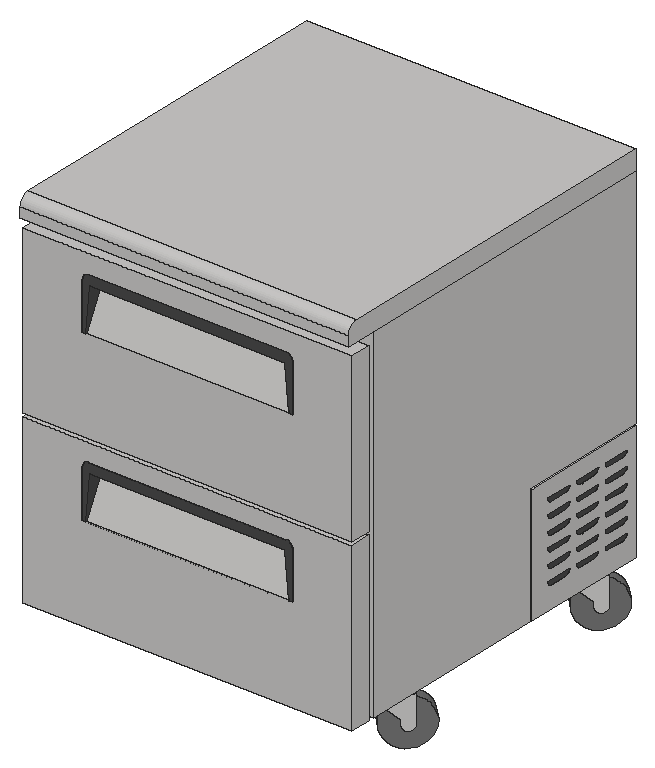
Revit family "QF_Turbo Air_TUR-28SD-D2", category Specialty Equipment, Revit 2012
Parameters
  Weight in Pounds = 169
  Watermarked By = "http://revitwatermark.com"
  Volts = 115 V
  URL Cutsheet = ""
  URL = "www.turboairinc.com"
  Status [instance] = ""
  Specification by User [instance] = ""
  Specification by Manufacturer [instance] = ""
  Serial Number [instance] = ""
  Revision Code [instance] = ""
  Phase = 1
  Number of Poles [instance] = 1
  NAFEM Spec ID Number [instance] = ""
  Model = "TUR-28SD-D2"
  Masterspec [instance] = ""
  Manufacturer = "Turbo Air"  # constant formula
  Legs [instance] = [6 inch Legs]  # no
  Item Number [instance] = "-"
  Installed By [instance] = ""
  HP = "1/4"
  Furnished By [instance] = ""
  Foodservice Equipment Identifier = yes
  FL Amps = 6.6 A
  Electrical Remarks [instance] = ""
  Electric Connection Type [instance] = ""
  Elec Conn RI Height [instance] = 0' - 0"
  Elec Conn Connection Height = 1' - 0"
  Description = "Undercounter Refrigerator"
  Cycle = 60 Hz
  Conn Plug = "NEMA 5-15P"
  Casters [instance] = not(Legs)  # yes
  CasterLeg Height [instance] = if([4 inch Casters], 0' 5", if([5 inch Casters], 0' 5 3/4", if([2_5 inch Casters], 0' 3 3/8", 0' 6")))  # 0' - 5"
  CSI MasterFormat = "11 41 13"
  Assembly Code = "E1090320"
  Apparent Power = if(Phase = 3, Volts * FL Amps * 1.73, Volts * FL Amps)  # 759 VA
  6 inch Legs [instance] = no
  5 inch Casters [instance] = no
  4 inch Casters [instance] = yes
  2_5 inch Casters [instance] = no
Reference planes (in)
  plane 1 "BACK": y = 0
  plane 2: z = 0
  plane 3 "LEFT": x = -20.78844
  plane 4 "Bottom": z = 5
  plane 5 "Back Stops": y = 1
  plane 6 "RIGHT": x = 6.71156
  plane 7 "FRONT": y = -30
  plane 8 "Door Clearance": y = -42.75
  plane 9 "Back of Door": y = -27.875
  plane 10 "Front of Box": y = -27.375
  plane 11 "Top of Door": z = 33.125
  plane 12 "TOP": z = 35.625
  plane 13 "Bottom of TOP": z = 34
Forms (in)
  Extrusion 1, solid, material "QF_Finishes_Stainless Steel"
    sketch origin (-20.78844, 0, 0) x (0, 1, 0) y (0, 0, 1)
      loop
        line (0, 5) -> (0, 34) -> (-27.375, 34) -> (-27.375, 5) -> (0, 5)
    from 0 to 27.5
  Extrusion 2, solid, material "QF_Finishes_Black"
    sketch origin (0, -27.375, 0) x (1, 0, 0) y (0, 0, 1)
      loop
        line (-19.78844, 32.125) -> (-19.78844, 6) -> (5.71156, 6) -> (5.71156, 32.125) -> (-19.78844, 32.125)
    from 0 to 0.5
  Extrusion 3, void
    sketch origin (6.71156, 0, 0) x (0, 1, 0) y (0, 0, 1)
      loop
        line (0, 5) -> (0, 15) -> (-11, 15) -> (-11, 5) -> (0, 5)
    from 0 to -1
  Extrusion 4, solid, material "QF_Finishes_Stainless Steel"
    sketch origin (6.71156, 0, 0) x (0, 1, 0) y (0, 0, 1)
      loop
        line (-10.875, 14.875) -> (-10.875, 5) -> (0, 5) -> (0, 14.875) -> (-10.875, 14.875)
      loop
        arc (-9.25, 13.5) -> (-9.10355, 13.14645) -> (-8.75, 13) r 0.5
        line (-8.75, 13) -> (-7.25, 13)
        arc (-7.25, 13) -> (-6.89645, 13.14645) -> (-6.75, 13.5) r 0.5
        line (-6.75, 13.5) -> (-9.25, 13.5)
      loop
        arc (-6.25, 13.5) -> (-6.10355, 13.14645) -> (-5.75, 13) r 0.5
        line (-5.75, 13) -> (-4.25, 13)
        arc (-4.25, 13) -> (-3.89645, 13.14645) -> (-3.75, 13.5) r 0.5
        line (-3.75, 13.5) -> (-6.25, 13.5)
      loop
        arc (-3.25, 13.5) -> (-3.10355, 13.14645) -> (-2.75, 13) r 0.5
        line (-2.75, 13) -> (-1.25, 13)
        arc (-1.25, 13) -> (-0.89645, 13.14645) -> (-0.75, 13.5) r 0.5
        line (-0.75, 13.5) -> (-3.25, 13.5)
      loop
        arc (-9.25, 12.25) -> (-9.10355, 11.89645) -> (-8.75, 11.75) r 0.5
        line (-8.75, 11.75) -> (-7.25, 11.75)
        arc (-7.25, 11.75) -> (-6.89645, 11.89645) -> (-6.75, 12.25) r 0.5
        line (-6.75, 12.25) -> (-9.25, 12.25)
      loop
        arc (-6.25, 12.25) -> (-6.10355, 11.89645) -> (-5.75, 11.75) r 0.5
        line (-5.75, 11.75) -> (-4.25, 11.75)
        arc (-4.25, 11.75) -> (-3.89645, 11.89645) -> (-3.75, 12.25) r 0.5
        line (-3.75, 12.25) -> (-6.25, 12.25)
      loop
        arc (-3.25, 12.25) -> (-3.10355, 11.89645) -> (-2.75, 11.75) r 0.5
        line (-2.75, 11.75) -> (-1.25, 11.75)
        arc (-1.25, 11.75) -> (-0.89645, 11.89645) -> (-0.75, 12.25) r 0.5
        line (-0.75, 12.25) -> (-3.25, 12.25)
      loop
        arc (-9.25, 11) -> (-9.10355, 10.64645) -> (-8.75, 10.5) r 0.5
        line (-8.75, 10.5) -> (-7.25, 10.5)
        arc (-7.25, 10.5) -> (-6.89645, 10.64645) -> (-6.75, 11) r 0.5
        line (-6.75, 11) -> (-9.25, 11)
      loop
        arc (-6.25, 11) -> (-6.10355, 10.64645) -> (-5.75, 10.5) r 0.5
        line (-5.75, 10.5) -> (-4.25, 10.5)
        arc (-4.25, 10.5) -> (-3.89645, 10.64645) -> (-3.75, 11) r 0.5
        line (-3.75, 11) -> (-6.25, 11)
      loop
        arc (-3.25, 11) -> (-3.10355, 10.64645) -> (-2.75, 10.5) r 0.5
        line (-2.75, 10.5) -> (-1.25, 10.5)
        arc (-1.25, 10.5) -> (-0.89645, 10.64645) -> (-0.75, 11) r 0.5
        line (-0.75, 11) -> (-3.25, 11)
      loop
        arc (-9.25, 9.75) -> (-9.10355, 9.39645) -> (-8.75, 9.25) r 0.5
        line (-8.75, 9.25) -> (-7.25, 9.25)
        arc (-7.25, 9.25) -> (-6.89645, 9.39645) -> (-6.75, 9.75) r 0.5
        line (-6.75, 9.75) -> (-9.25, 9.75)
      loop
        arc (-6.25, 9.75) -> (-6.10355, 9.39645) -> (-5.75, 9.25) r 0.5
        line (-5.75, 9.25) -> (-4.25, 9.25)
        arc (-4.25, 9.25) -> (-3.89645, 9.39645) -> (-3.75, 9.75) r 0.5
        line (-3.75, 9.75) -> (-6.25, 9.75)
      loop
        arc (-3.25, 9.75) -> (-3.10355, 9.39645) -> (-2.75, 9.25) r 0.5
        line (-2.75, 9.25) -> (-1.25, 9.25)
        arc (-1.25, 9.25) -> (-0.89645, 9.39645) -> (-0.75, 9.75) r 0.5
        line (-0.75, 9.75) -> (-3.25, 9.75)
      loop
        arc (-9.25, 8.5) -> (-9.10355, 8.14645) -> (-8.75, 8) r 0.5
        line (-8.75, 8) -> (-7.25, 8)
        arc (-7.25, 8) -> (-6.89645, 8.14645) -> (-6.75, 8.5) r 0.5
        line (-6.75, 8.5) -> (-9.25, 8.5)
      loop
        arc (-6.25, 8.5) -> (-6.10355, 8.14645) -> (-5.75, 8) r 0.5
        line (-5.75, 8) -> (-4.25, 8)
        arc (-4.25, 8) -> (-3.89645, 8.14645) -> (-3.75, 8.5) r 0.5
        line (-3.75, 8.5) -> (-6.25, 8.5)
      loop
        arc (-3.25, 8.5) -> (-3.10355, 8.14645) -> (-2.75, 8) r 0.5
        line (-2.75, 8) -> (-1.25, 8)
        arc (-1.25, 8) -> (-0.89645, 8.14645) -> (-0.75, 8.5) r 0.5
        line (-0.75, 8.5) -> (-3.25, 8.5)
      loop
        arc (-9.25, 7.25) -> (-9.10355, 6.89645) -> (-8.75, 6.75) r 0.5
        line (-8.75, 6.75) -> (-7.25, 6.75)
        arc (-7.25, 6.75) -> (-6.89645, 6.89645) -> (-6.75, 7.25) r 0.5
        line (-6.75, 7.25) -> (-9.25, 7.25)
      loop
        arc (-6.25, 7.25) -> (-6.10355, 6.89645) -> (-5.75, 6.75) r 0.5
        line (-5.75, 6.75) -> (-4.25, 6.75)
        arc (-4.25, 6.75) -> (-3.89645, 6.89645) -> (-3.75, 7.25) r 0.5
        line (-3.75, 7.25) -> (-6.25, 7.25)
      loop
        arc (-3.25, 7.25) -> (-3.10355, 6.89645) -> (-2.75, 6.75) r 0.5
        line (-2.75, 6.75) -> (-1.25, 6.75)
        arc (-1.25, 6.75) -> (-0.89645, 6.89645) -> (-0.75, 7.25) r 0.5
        line (-0.75, 7.25) -> (-3.25, 7.25)
    from 0 to -1
  Extrusion 5, solid, material "QF_Finishes_Black"
    sketch origin (6.71156, 0, 0) x (0, 1, 0) y (0, 0, 1)
      loop
        line (-9.875, 13.95221) -> (-9.875, 6.20221) -> (-0.375, 6.20221) -> (-0.375, 13.95221) -> (-9.875, 13.95221)
    from -0.125 to -1
  Extrusion 6, solid, material "QF_Finishes_Black"
    sketch origin (0, 0, 0) x (1, 0, 0) y (0, 0, 1)
      loop
        circle (-14.66344, 30.8125) r 0.5
      loop
        circle (0.58656, 30.8125) r 0.5
    from 0 to -1
  Extrusion 7, solid, material "QF_Finishes_Stainless Steel"
    sketch origin (0, 0, 0) x (1, 0, 0) y (0, 0, 1)
      loop
        circle (2.71156, 11.125) r 0.25
    from 0 to -0.0625
  Extrusion 8, solid, material "QF_Finishes_Polished Steel"
    sketch origin (-20.78844, 0, 0) x (0, 1, 0) y (0, 0, 1)
      loop
        line (0, 35.625) -> (-29.1875, 35.625)
        arc (-29.1875, 35.625) -> (-29.76202, 35.38702) -> (-30, 34.8125) r 0.8125
        line (-30, 34.8125) -> (-30, 34) -> (0, 34) -> (0, 35.625)
    from 0 to 27.5
Cuts and joins
  Extrusion 3 cuts Extrusion 1
Lines and regions (in)
  symbolic lines
    curve 1: line (-20.78844, 0, 35.875) -> (6.71156, 0, 35.875)
    curve 2: line (-20.78844, -30, 35.875) -> (-20.78844, 0, 35.875)
    curve 3: line (6.71156, -30, 35.875) -> (-20.78844, -30, 35.875)
    curve 4: line (6.71156, 0, 35.875) -> (6.71156, -30, 35.875)
    curve 5: line (0.08656, 1, 35.875) -> (1.08656, 1, 35.875)
    curve 6: line (-15.16344, 1, 35.875) -> (-14.16344, 1, 35.875)
    curve 7: line (-15.16344, 1, 35.875) -> (-15.16344, 0, 35.875)
    curve 8: line (-14.16344, 1, 35.875) -> (-14.16344, 0, 35.875)
    curve 9: line (0.08656, 1, 35.875) -> (0.08656, 0, 35.875)
    curve 10: line (1.08656, 1, 35.875) -> (1.08656, 0, 35.875)
  symbolic lines, style "QF_Clearances", detail levels coarse
    curve 11: line (-20.78844, -30, 35.875) -> (-20.78844, -42.75, 35.875)
    curve 12: line (-20.78844, -42.75, 35.875) -> (6.71156, -42.75, 35.875)
    curve 13: line (6.71156, -42.75, 35.875) -> (6.71156, -30, 35.875)
Dimensions and locks (in)
  "CasterLeg Height": plane 4 "Bottom" to plane 2
  locked: plane 1 "BACK" to plane 5 "Back Stops" at 1
  locked: plane 6 "RIGHT" to plane 3 "LEFT" at 27.5
  locked: plane 7 "FRONT" to plane 1 "BACK" at 30
  locked: plane 9 "Back of Door" to plane 10 "Front of Box" at 0.5
  locked: plane 11 "Top of Door" to Extrusion 2 sketch curve at 1
  locked: Extrusion 2 sketch curve to plane 3 "LEFT" at 1
  locked: Extrusion 2 sketch curve to plane 4 "Bottom" at 1
  locked: Extrusion 2 sketch curve to plane 6 "RIGHT" at 1
  locked: Extrusion 3 sketch curve to plane 1 "BACK" at 11
  locked: Extrusion 3 sketch curve to plane 4 "Bottom" at 10
  locked: plane 4 "Bottom" to Extrusion 4 sketch curve at 9.875
  locked: Extrusion 4 sketch curve to plane 1 "BACK" at 10.875
  locked: Extrusion 5 sketch curve to Extrusion 5 sketch curve at 7.75
  locked: Extrusion 5 sketch curve to plane 4 "Bottom" at 1.20221
  locked: Extrusion 5 sketch curve to Extrusion 5 sketch curve at 9.5
  locked: Extrusion 5 sketch curve to plane 1 "BACK" at 0.375
  locked: nested 1 to plane 1 "BACK" at 2.5625
  locked: plane 3 "LEFT" to nested 1 at 2.5
  locked: plane 3 "LEFT" to nested 2 at 2.5
  locked: plane 10 "Front of Box" to nested 2 at 4.625
  locked: nested 3 to plane 6 "RIGHT" at 2.5
  locked: nested 4 to plane 6 "RIGHT" at 2.5
  locked: plane 10 "Front of Box" to nested 4 at 4.625
  locked: nested 3 to plane 1 "BACK" at 2.5625
  locked: plane 6 "RIGHT" to Extrusion 6 sketch curve at 6.125
  locked: Extrusion 6 sketch curve to plane 3 "LEFT" at 6.125
  locked: Extrusion 7 sketch curve to plane 4 "Bottom" at 6.125
  locked: plane 6 "RIGHT" to Extrusion 7 sketch curve at 4
  locked: plane 12 "TOP" to plane 4 "Bottom" at 30.625
  locked: plane 12 "TOP" to plane 13 "Bottom of TOP" at 1.625
  locked: plane 13 "Bottom of TOP" to plane 11 "Top of Door" at 0.875
  plane 9 "Back of Door" to plane 1 "BACK" = 2' - 3 7/8"
  locked: plane 8 "Door Clearance" to plane 7 "FRONT" at 12.75
  aligned and locked: level to plane 2
  aligned and locked: Extrusion 1 sketch curve to plane 1 "BACK"
  aligned and locked: Extrusion 1 sketch curve to plane 4 "Bottom"
  aligned and locked: plane 10 "Front of Box" to Extrusion 1 sketch curve
  aligned and locked: plane 6 "RIGHT" to Extrusion 1
  aligned and locked: plane 9 "Back of Door" to Extrusion 2
  aligned and locked: Extrusion 3 sketch curve to plane 1 "BACK"
  aligned and locked: Extrusion 3 sketch curve to plane 4 "Bottom"
  aligned and locked: Extrusion 6 to plane 5 "Back Stops"
  aligned and locked: plane 1 "BACK" to curve 1
  aligned and locked: curve 4 to plane 6 "RIGHT"
  aligned and locked: plane 3 "LEFT" to curve 2
  aligned and locked: curve 3 to plane 7 "FRONT"
  aligned and locked: curve 5 to Extrusion 6
  aligned and locked: curve 6 to Extrusion 6
  aligned and locked: Extrusion 1 sketch curve to plane 13 "Bottom of TOP"
  aligned and locked: plane 1 "BACK" to Extrusion 8 sketch curve
  aligned and locked: plane 13 "Bottom of TOP" to Extrusion 8 sketch curve
  aligned and locked: Extrusion 8 sketch curve to plane 7 "FRONT"
  aligned and locked: Extrusion 8 sketch curve to plane 12 "TOP"
  aligned and locked: plane 6 "RIGHT" to Extrusion 8
  aligned and locked: nested 5 to plane 4 "Bottom"
Automatic sketch dimensions
  Extrusion 4 sketch curve to plane 1 "BACK" = 0' - 0"
  Extrusion 4 sketch curve to plane 4 "Bottom" = 0' - 0"
  Extrusion 4 sketch curve to Extrusion 4 sketch curve = 0' - 1 5/8"
  Extrusion 4 sketch curve to Extrusion 4 sketch curve = 0' - 0"  (x16)
  Extrusion 4 sketch curve to Extrusion 4 sketch curve = 0' - 0 1/2"  (x31)
  Extrusion 4 sketch curve to Extrusion 4 sketch curve = 0' - 1 1/2"  (x4)
  plane 1 "BACK" to Extrusion 4 sketch curve = 0' - 1 1/4"  (x3)
  plane 4 "Bottom" to Extrusion 4 sketch curve = 0' - 1 3/4"  (x2)
  Extrusion 4 sketch curve to Extrusion 4 sketch curve = 0' - 0 3/4"  (x15)
  Extrusion 6 sketch curve to plane 11 "Top of Door" = 0' - 2 5/16"  (x2)
  Extrusion 8 sketch curve to plane 7 "FRONT" = 0' - 0 13/16"
  plane 8 "Door Clearance" to curve 12 = 0' - 0"
  curve 5 to plane 6 "RIGHT" = 0' - 5 5/8"
  curve 10 to curve 9 = 0' - 1"
  plane 3 "LEFT" to curve 8 = 0' - 6 5/8"
  curve 6 to curve 7 = 0' - 1"
  radius of Extrusion 6 sketch curve = 0' - 0 1/2"  (x2)
  radius of Extrusion 7 sketch curve = 0' - 0 1/4"
Nested families (in)
  nested 1: "FESCasterLeg" at (-18.28844, -2.5625, 0), Legs <- "Legs", Casters <- "Casters", Height <- "CasterLeg Height", type "FESCasterLeg"
    with Legs no, Height 0' - 5", Casters yes, Caster Radius 0' - 2"
  nested 2: "FESCasterLeg" at (-18.28844, -22.75, 0), Legs <- "Legs", Casters <- "Casters", Height <- "CasterLeg Height", type "FESCasterLeg"
    with Legs no, Height 0' - 5", Casters yes, Caster Radius 0' - 2"
  nested 3: "FESCasterLeg" at (4.21156, -2.5625, 0), Legs <- "Legs", Casters <- "Casters", Height <- "CasterLeg Height", type "FESCasterLeg"
    with Legs no, Height 0' - 5", Casters yes, Caster Radius 0' - 2"
  nested 4: "FESCasterLeg" at (4.21156, -22.75, 0), Legs <- "Legs", Casters <- "Casters", Height <- "CasterLeg Height", type "FESCasterLeg"
    with Legs no, Height 0' - 5", Casters yes, Caster Radius 0' - 2"
  nested 5: "QF_Turbo Air_TBL_Drawer" at (-5.61177, -27.875, 5), type "QF_Turbo Air_TBL_Drawer"
    with Width 2' - 3 1/2", Symbolic Lines no, Height 2' - 4 1/8", Depth 0' - 1 13/16"
Connectors (in)
  electrical at (2.71156, 0.0625, 11.125), driven by "Number of Poles", driven by "Volts", driven by "Apparent Power"
    settings: on Extrusion 7, index 1, voltage 115 V, apparent load 759 VA, apparent load phase1 0 VA, apparent load phase2 0 VA, apparent load phase3 0 VA, power factor 1, load classification "Other", number of poles 1, system type 30, power factor state 1, is connector primary yes, connector utility no, sub classification motor no, connector description ""
Definition of nested family "FESCasterLeg"
  Parameters (values of type "FESCasterLeg")
    Watermarked By = "http://revitwatermark.com"
    Type Comments = "⍁⍉⌁⌀⏭⎽⌇⍠⌜⍉⎖⌥⌦⌯⍭⏊⍻⍿⍊⏵⍊⏗⏠⍴⎡⌈⎀⍠⌓⌤⏘⎐⍀⌐⏬⏁⎈⏍⏦⎒⏬⌝⍩⍇⌣〈⎫〉⎁⏊⍥⍖⍥⍝⍦⌖⍀⏌⏭⎝⎼⏷⏞⍻⏯⎽⏷⏞⍻⏯⎽⏷⎺⌻⎝⍎⌧⏷⏟⏿⌿⍜⍦⍤⌁⍬⏶⏎⍊⏚⏉⎞⌡⎀⎪⏈⌟⌿⍾⍼⌟⌿⌢⌞⏜⏝⎽⍷⍷⍯⍧⍷⌯⍽⏸⏨⏾⏎⌣⏺⍹⏼⏅⎏⌽⎫⎪⍙⎓⏗⎗⏅⌴⍏⍏⍿⏑⎺⍘⌭⏲⍥⎛⎾⎾⍞⍌⎪⎲⌙⎥⏏⎟⎟⏼⏘⎏⎝⏧⏍⏁⍏⍧⏯⏾⌟"
    Legs [instance] = yes
    Height [instance] = 0' - 6"
    Caster Radius [instance] = if(Height < 0' 3", 0' 1", (Height / 2) - 0' 0 1/2")  # 0' - 2 1/2"
    Casters [instance] = yes
    Assembly Code = ""
  Reference planes (in)
    plane 1 "Center (Front/Back)": y = 0
    plane 2: z = 0
    plane 3 "Center (Left/Right)": x = 0
    plane 4: z = 6
    plane 5: z = 5.5
  Forms (in)
    Extrusion 1, solid, material "QF_Finishes_Stainless Steel", visible <- "Casters"
      sketch origin (-24.12131, -22.88887, 10.18833) x (0.707107, 0.707107, 0) y (0, 0, 1)
        loop
          line (34.98772, -7.68833) -> (34.98772, -4.93833) -> (34.48772, -4.93833) -> (34.39402, -4.68833) -> (32.39402, -4.68833) -> (32.39402, -5.43833) -> (33.98772, -7.34206) -> (33.98772, -7.68833)
          arc (33.98772, -7.68833) -> (34.48772, -8.18833) -> (34.98772, -7.68833) r 0.5
      from 0 to 1.75
    Extrusion 2, solid, material "QF_Finishes_Rubber Black", visible <- "Casters"
      sketch origin (-24.32327, -23.09083, 13.31461) x (0.707107, 0.707107, 0) y (0, 0, 1)
        loop
          circle (34.77334, -10.81461) r 2.5
      from 0.375 to 1.375
    Extrusion 3, solid, material "QF_Finishes_Stainless Steel", visible <- "Casters"
      sketch origin (-7.24148, -8.48391, 0) x (0.707107, 0.707107, 0) y (0, 0, 1)
        loop
          line (10.61603, 5.5) -> (11.61603, 5.5) -> (11.61603, 6) -> (10.61603, 6) -> (10.61603, 5.5)
      from 0 to -1.75
    Blend 4, solid, material "QF_Finishes_Stainless Steel", visible <- "Legs"
      base sketch origin (0, 0, 0) x (1, 0, 0) y (0, 1, 0)
        loop
          circle (0, 0) r 0.5
      top sketch origin (0, 0, 0) x (1, 0, 0) y (0, 1, 0)
        loop
          circle (0, 0) r 1
      from 0 to 6 <- "Height"
  Lines and regions (in)
    symbolic lines, style "QF_Hidden Details", visible <- "Casters", built-in parameter 1006206 <- "Casters"
      curve 1: line (-1.26158, -0.51911, 0) -> (1.39007, 2.13254, 0)
      curve 2: line (-0.53429, -1.24639, 0) -> (2.11736, 1.40526, 0)
    symbolic lines, style "QF_Hidden Details", built-in parameter 1006206 <- "Casters", visible <- "Casters"
      curve 3: line (-1.26158, -0.51911, 0) -> (1.39007, 2.13254, 0)
      curve 4: line (-0.53429, -1.24639, 0) -> (2.11736, 1.40526, 0)
  Dimensions and locks (in)
    locked: plane 4 to plane 5 at 0.5
    "Height": plane 4 to level
    "Caster Radius": Extrusion 2 sketch curve to level
    "Caster Radius": Extrusion 1 sketch curve to level
    "Caster Radius": radius of Extrusion 2 sketch curve
    aligned and locked: plane 2 to level
    aligned: Blend 4 to Extrusion 3
    aligned and locked: plane 4 to Blend 4
    aligned and locked: Extrusion 3 to plane 5
    aligned and locked: plane 4 to Extrusion 3
    aligned and locked: plane 5 to Extrusion 1
  Automatic sketch dimensions
    plane 1 "Center (Front/Back)" to curve 3 = 0' - 0.51911"
    curve 3 to plane 3 "Center (Left/Right)" = 0' - 1.26158"
    plane 1 "Center (Front/Back)" to curve 1 = 0' - 0.51911"
    curve 1 to curve 3 = 0' - 0"  (x3)
    curve 4 to plane 3 "Center (Left/Right)" = 0' - 0.53429"
    curve 2 to curve 4 = 0' - 0"  (x2)
    plane 3 "Center (Left/Right)" to curve 3 = 0' - 1.39007"
    curve 1 to curve 4 = 0' - 0.72729"
    curve 2 to curve 1 = 0' - 0.72729"
    curve 4 to curve 2 = 0' - 0"  (x2)
    curve 2 to plane 1 "Center (Front/Back)" = 0' - 1.40526"
    curve 2 to curve 3 = 0' - 0.72729"
    plane 5 to Extrusion 1 sketch curve = 0' - 0"
    Extrusion 1 sketch curve to Extrusion 1 sketch curve = 0' - 1.5937"
    Extrusion 1 sketch curve to Extrusion 1 sketch curve = 0' - 2"
    Extrusion 1 sketch curve to Extrusion 1 sketch curve = 0' - 0.0937"
    Extrusion 1 sketch curve to Extrusion 1 sketch curve = 0' - 0 1/2"
    Extrusion 1 sketch curve to Extrusion 1 sketch curve = 0' - 0.34627"
    Extrusion 1 sketch curve to plane 5 = 0' - 0 3/4"
    Extrusion 1 sketch curve to plane 5 = 0' - 0 1/4"
    Extrusion 3 sketch curve to plane 5 = 0' - 0"
    plane 4 to Extrusion 3 sketch curve = 0' - 0"
    Extrusion 3 sketch curve to Extrusion 3 sketch curve = 0' - 1"
    plane 1 "Center (Front/Back)" to Blend 4 sketch curve = 0' - 0"  (x2)
    Blend 4 sketch curve to plane 3 "Center (Left/Right)" = 0' - 0"  (x2)
    radius of Blend 4 sketch curve = 0' - 0 1/2"
    radius of Blend 4 sketch curve = 0' - 1"
Definition of nested family "QF_Turbo Air_TBL_Drawer"
  Parameters (values of type "QF_Turbo Air_TBL_Drawer")
    Width [instance] = 2' - 5 5/16"
    Watermarked By = "http://revitwatermark.com"
    Symbolic Lines [instance] = yes
    Manufacturer = "Turbo Air"  # constant formula
    Height [instance] = 2' - 3 7/16"
    Depth [instance] = 0' - 1 13/16"
  Reference planes (in)
    plane 1 "BACK": y = 0
    plane 2: z = 0
    plane 3 "LEFT": x = -15.17667
    plane 4: x = 14.13583
    plane 5 "FRONT": y = -1.8125
    plane 6: z = 27.4375
    plane 7 "Handle Center": x = -0.52042
    plane 8 "Door Center": z = 13.71875
  Forms (in)
    Extrusion 1, solid, material "QF_Finishes_Black"
      sketch origin (-31.11417, 0, 15.01083) x (0, 0, -1) y (1, 0, 0)
        loop
          arc (-10.23917, 39.40625) -> (-10.63691, 39.2415) -> (-10.80167, 38.84375) r 0.5625
          line (-10.80167, 38.84375) -> (-10.80167, 22.34375)
          arc (-10.80167, 22.34375) -> (-10.63691, 21.946) -> (-10.23917, 21.78125) r 0.5625
          line (-10.23917, 21.78125) -> (-6.30167, 21.78125) -> (-6.30167, 22.125) -> (-9.98917, 22.44761) -> (-9.98917, 38.73989) -> (-6.30167, 39.0625) -> (-6.30167, 39.40625) -> (-10.23917, 39.40625)
        loop
          line (7.41708, 21.78125) -> (7.41708, 22.125) -> (3.72958, 22.44761) -> (3.72958, 38.73989) -> (7.41708, 39.0625) -> (7.41708, 39.40625) -> (3.47958, 39.40625)
          arc (3.47958, 39.40625) -> (3.08184, 39.2415) -> (2.91708, 38.84375) r 0.5625
          line (2.91708, 38.84375) -> (2.91708, 22.34375)
          arc (2.91708, 22.34375) -> (3.08184, 21.946) -> (3.47958, 21.78125) r 0.5625
          line (3.47958, 21.78125) -> (7.41708, 21.78125)
      from 0 to 1.8125
    Extrusion 2, solid, material "QF_Finishes_Stainless Steel"
      sketch origin (-9.36417, 0, 15.01083) x (0, 1, 0) y (0, 0, 1)
        loop
          line (-1.8125, 6.30167) -> (0, 6.30167) -> (0, 9.98917) -> (-0.47036, 9.98917) -> (-1.8125, 6.30167)
        loop
          line (-1.8125, -7.41708) -> (0, -7.41708) -> (0, -3.72958) -> (-0.47036, -3.72958) -> (-1.8125, -7.41708)
      from 0.375 to 17.3125
    Extrusion 3, solid, material "QF_Finishes_Stainless Steel"
      sketch origin (0, 0, 0) x (1, 0, 0) y (0, 0, 1)
        loop
          line (-15.17667, 27.4375) -> (-15.17667, 13.84375) -> (14.13583, 13.84375) -> (14.13583, 27.4375) -> (-15.17667, 27.4375)
        loop
          line (-15.17667, 0) -> (14.13583, 0) -> (14.13583, 13.59375) -> (-15.17667, 13.59375) -> (-15.17667, 0)
        loop
          arc (-8.77042, 25.8125) -> (-9.16816, 25.64775) -> (-9.33292, 25.25) r 0.5625
          line (-9.33292, 25.25) -> (-9.33292, 21.3125) -> (8.29208, 21.3125) -> (8.29208, 25.25)
          arc (8.29208, 25.25) -> (8.12733, 25.64775) -> (7.72958, 25.8125) r 0.5625
          line (7.72958, 25.8125) -> (-8.77042, 25.8125)
        loop
          arc (-8.77042, 12.09375) -> (-9.16816, 11.929) -> (-9.33292, 11.53125) r 0.5625
          line (-9.33292, 11.53125) -> (-9.33292, 7.59375) -> (8.29208, 7.59375) -> (8.29208, 11.53125)
          arc (8.29208, 11.53125) -> (8.12733, 11.929) -> (7.72958, 12.09375) r 0.5625
          line (7.72958, 12.09375) -> (-8.77042, 12.09375)
      from 0 to 1.8125
  Lines and regions (in)
    symbolic lines, visible <- "Symbolic Lines"
      curve 1: line (-15.17667, 0, 25.96875) -> (14.13583, 0, 25.96875)
      curve 2: line (-15.17667, -1.8125, 25.96875) -> (-15.17667, 0, 25.96875)
      curve 3: line (14.13583, -1.8125, 25.96875) -> (-15.17667, -1.8125, 25.96875)
      curve 4: line (14.13583, 0, 25.96875) -> (14.13583, -1.8125, 25.96875)
  Dimensions and locks (in)
    "Width": plane 4 to plane 3 "LEFT"
    "Depth": plane 5 "FRONT" to plane 1 "BACK"
    "Height": plane 6 to plane 2
    locked: Extrusion 3 sketch curve to Extrusion 3 sketch curve at 4.5  (x2)
    locked: plane 6 to Extrusion 3 sketch curve at 1.625
    locked: plane 6 to Extrusion 1 sketch curve at 1.625
    locked: Extrusion 1 sketch curve to Extrusion 1 sketch curve at 0.8125  (x2)
    locked: Extrusion 1 sketch curve to Extrusion 1 sketch curve at 4.5  (x4)
    locked: Extrusion 1 sketch curve to Extrusion 1 sketch curve at 0.66636  (x4)
    locked: plane 6 to Extrusion 2 sketch curve at 2.4375
    locked: Extrusion 2 sketch curve to Extrusion 2 sketch curve at 3.6875  (x2)
    locked: Extrusion 2 sketch curve to plane 5 "FRONT" at 1.34214  (x2)
    equal spacing: plane 3 "LEFT", plane 7 "Handle Center", plane 4
    equal spacing: plane 6, plane 8 "Door Center", level
    Extrusion 3 sketch curve to plane 8 "Door Center" to Extrusion 3 sketch curve = 0' - 0 1/8" locked, 0' - 0 1/8" locked
    Extrusion 3 sketch curve to plane 7 "Handle Center" to Extrusion 3 sketch curve = 0' - 8 13/16" locked, 0' - 8 13/16" locked  (x2)
    locked: plane 8 "Door Center" to Extrusion 3 sketch curve at 1.625
    Extrusion 1 sketch curve to plane 7 "Handle Center" to Extrusion 1 sketch curve = 0' - 8 13/16" locked, 0' - 8 13/16" locked  (x2)
    Extrusion 2 to plane 7 "Handle Center" to Extrusion 2 = 0' - 8 15/32" locked, 0' - 8 15/32" locked
    locked: plane 8 "Door Center" to Extrusion 1 sketch curve at 1.625
    locked: plane 8 "Door Center" to Extrusion 2 sketch curve at 2.4375
    aligned and locked: level to plane 2
    aligned and locked: Extrusion 3 sketch curve to plane 6
    aligned and locked: plane 3 "LEFT" to Extrusion 3 sketch curve  (x2)
    aligned and locked: level to Extrusion 3 sketch curve
    aligned and locked: Extrusion 3 sketch curve to plane 4  (x2)
    aligned and locked: plane 5 "FRONT" to Extrusion 3
    aligned and locked: Extrusion 2 sketch curve to plane 1 "BACK"  (x2)
    aligned and locked: plane 1 "BACK" to curve 1
    aligned and locked: plane 3 "LEFT" to curve 2
    aligned and locked: curve 3 to plane 5 "FRONT"
    aligned and locked: curve 4 to plane 4
  Automatic sketch dimensions
    Extrusion 1 sketch curve to Extrusion 1 sketch curve = 0' - 0 1/4"  (x4)
    Extrusion 1 sketch curve to Extrusion 1 sketch curve = 0' - 0 11/32"  (x4)
    Extrusion 2 sketch curve to plane 5 "FRONT" = 0' - 0"  (x2)
    Extrusion 3 sketch curve to Extrusion 3 sketch curve = 0' - 0 9/16"  (x4)
